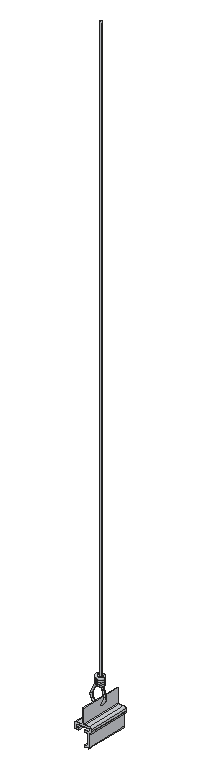
Revit family "Wire_w_Bracket-HunterDouglas-Echelon", category Specialty Equipment, Revit 2013
Parameters (values of type "Parametric")
  ecoScorecard_data = "http://products.ecoscorecard.com/hunterdouglascontract/Echelon"
  ecoScorecard Product Page = "http://hunterdouglascontract.ecoscorecard.com/product/Echelon?base_search=product_category_A1035"
  Wire Visibility [instance] = yes
  Wire Hanger = Metal - Aluminum Frame - HunterDouglas - Painted White
  Warranty URL = "http://www.hunterdouglascontract.com/ceilings/techstyleEchelon/index.jsp"
  Wall Angle Visibility [instance] = yes
  VOC Data URL = "http://assets.hunterdouglascontract.com/documents/ceilings/metalsystems/Metal1_-_Greenguard_Gold_Certificate.pdf?modDate=1386600944000"
  URL = "http://www.hunterdouglasceilings.com"
  Technical Information = "http://assets.hunterdouglascontract.com/documents/ceilings/acousticalsolutions/Echelon_Spec-formatted1.docx?modDate=1383223727000"
  Submittal URL = "http://www.hunterdouglascontract.com/ceilings/techstyleEchelon/index.jsp?t=literatureLinks"
  Subcategory = "Echelon"  # constant formula
  Smoke Developed Index = "50"  # constant formula
  Seismic Info URL = ""
  Recycled Content Percentage = "70%"
  Recyclable = yes
  Product Page URL = "http://www.hunterdouglascontract.com/ceilings/techstyleEchelon/index.jsp"
  Product Line = "Echelon System"  # constant formula
  Perforations = "http://www.hunterdouglascontract.com/ceilings/techstyleEchelon/index.jsp?t=trimOptionsTab"
  Perforation Pattern Info URL = ""
  Panel Width Availability = "6” in increments of 6\" up to 72\"  and up to 96\" (for 24\" W Only)"
  Panel Length Availability = "24\", 30\", 48\""
  Mold Resistant = yes
  Model = "Echelon"  # constant formula
  Material = "Aluminum"  # constant formula
  Manufacturer Phone = ""
  Manufacturer Fax = ""
  Manufacturer Email = "mailto:ceilings@hunterdouglas.com"
  Manufacturer Address = "1 Hunter Douglas Circle, Thornton CO 80241"  # constant formula
  Manufacturer = "Hunter Douglas Luxalon Metal Ceilings"  # constant formula
  Light Reflectance Average = 1
  Installation URL = "http://www.hunterdouglascontract.com/ceilings/techstyleEchelon/index.jsp?t=literatureLinks"
  Humidity and Sag Resistant = yes
  High Durability = yes
  Hanger Wire Height [instance] = 2' - 0"
  HPD URL = ""
  GREENGUARD URL = "http://assets.hunterdouglascontract.com/documents/ceilings/metalsystems/Metal1_-_Greenguard_Gold_Certificate.pdf?modDate=1386600944000"
  GREENGUARD Certified = yes
  Floating Trim Visibility [instance] = no
  Flame Spread Index = "25"  # constant formula
  Fire Rating = "Class A"  # constant formula
  EPD URL = ""
  Different Colors Available = yes
  Description = "Echelon Frame and Panel System"  # constant formula
  Cost Info = "mailto:ceilings@hunterdouglas.com"
  Copyright © = "© Hunter Douglas Inc., All rights reserved."  # constant formula
  Color Finishes = "http://www.hunterdouglascontract.com/ceilings/techstyleEchelon/index.jsp?t=trimOptionsTab"
  Assembly Code = "C3030210"
  Additional Resources Note = "Product details, finishes, construction details, and more can be accessed on the Product Page URL."  # constant formula
  Acoustics - NRC = "0.85"
  95 CSI = "09510"  # constant formula
  04 CSI = "09 51 00"  # constant formula
Reference planes (in)
  plane 1 "Center (Front/Back)": y = 0
  plane 2: z = 0
  plane 3 "Center (Left/Right)": x = 0
  plane 4: x = -0.77248
  plane 5: x = 0.77248
  plane 6: z = 2.4375
  plane 7: z = 2.5
  plane 8: z = 24
Dimensions and locks (in)
  equal spacing: plane 4, plane 3 "Center (Left/Right)", plane 5
  plane 4 to plane 5 = 0' - 1.54495"
  locked: plane 6 to plane 7 at 0.0625
  locked: plane 6 to level at 2.4375
  "Hanger Wire Height": plane 8 to level
  aligned and locked: level to plane 2
  aligned and locked: plane 3 "Center (Left/Right)" to nested 1
  aligned and locked: plane 1 "Center (Front/Back)" to nested 1
  aligned and locked: plane 6 to nested 1
Nested families (in)
  nested 1: "Wire" at (0, 0, 0), type "Parametric"
Definition of nested family "Wire"
  Parameters (values of type "Parametric")
    Wire Hanger = Metal - Aluminum Frame - HunterDouglas - Painted White
    URL = "http://www.hunterdouglascontract.com/ceilings/index.jsp"
    Subcategory = "Metal – Linear"  # constant formula
    Product Line = "6-7 Box Series & Deep Box"  # constant formula
    Model = "6-7 Box Series & Deep Box Hanger Wire"  # constant formula
    Manufacturer = "Hunter Douglas Luxalon Metal Ceilings"  # constant formula
    HangerWire Length = 2' - 0"
    Description = "Hanger_Wire"  # constant formula
    Assembly Code = "C3030200"
    95 CSI = "09510"  # constant formula
    04 CSI = "09 51 00"  # constant formula
  Reference planes (in)
    plane 1 "Center (Front/Back)": y = 0
    plane 2: z = 0
    plane 3 "Center (Left/Right)": x = 0
    plane 4: x = -0.77248
    plane 5: x = 0.77248
    plane 6: z = 2.4375
    plane 7: z = 2.5
    plane 8: z = 24
    plane 9: z = 2.55234
    plane 10: z = 2.71354
    plane 11: z = 2.59766
    plane 12: y = 0.75
    plane 13: y = -0.75
  Forms (in)
    Sweep 1, solid, material "Metal - Aluminum Frame - HunterDouglas - Painted White" <- "Wire Hanger", detail levels fine
      path origin (-0.03906, 0, 0) x (1, 0, 0) y (0, 0, 1)
        loop
          arc (0.02747, 3.12026) -> (-0.12831, 2.91815) -> (-0.23698, 2.68728) r 1.17992
          arc (-0.23698, 2.68728) -> (-0.21337, 2.52443) -> (-0.06709, 2.44909) r 0.17969
          line (-0.06709, 2.44909) -> (-0.01059, 2.44909)
          arc (-0.01059, 2.44909) -> (0.1341, 2.52202) -> (0.16154, 2.68172) r 0.18
          line (0.16154, 2.68172) -> (0.0883, 2.92127)
          arc (0.0883, 2.92127) -> (0.04559, 3.11003) -> (0.03125, 3.30302) r 1.30568
          line (0.03125, 3.30302) -> (0.03125, 24)
      profile origin (-0.00781, 0, 13.65151) x (-1, 0, 0) y (0, -1, 0)
        loop
          circle (-0.03125, 0) r 0.03125
    Revolve 2, solid, material "Metal - Aluminum Frame - HunterDouglas - Painted White" <- "Wire Hanger", detail levels fine
      sketch origin (-1.12196, 0, -0.8411) x (0.947216, 0, -0.320596) y (0.320596, 0, 0.947216)
        loop
          line (-0.19925, 4.10562) -> (-0.30836, 4.10562)
          arc (-0.30836, 4.10562) -> (-0.33961, 4.07437) -> (-0.30836, 4.04312) r 0.03125
          line (-0.30836, 4.04312) -> (-0.19925, 4.04312) -> (-0.19925, 4.10562)
        axis (-0.19925, 4.04312) -> (-0.19925, 4.10562)
      angle from 0 to 360
    Sweep 3, solid, material "Metal - Aluminum Frame - HunterDouglas - Painted White" <- "Wire Hanger", detail levels fine
      path origin (0, 0, 0) x (1, 0, 0) y (0, 1, 0)
        loop
          line (0, 0.75) -> (0, -0.75)
      profile origin (0, 0, 0) x (1, 0, 0) y (0, 0, 1)
        loop
          line (0.03, 2.59766) -> (-0.03, 2.59766) -> (-0.03, 2.12766)
          arc (-0.03, 2.12766) -> (-0.03879, 2.10644) -> (-0.06, 2.09766) r 0.03
          line (-0.06, 2.09766) -> (-0.229, 2.09766)
          arc (-0.229, 2.09766) -> (-0.28203, 2.07569) -> (-0.304, 2.02266) r 0.075
          line (-0.304, 2.02266) -> (-0.304, 1.95366)
          arc (-0.304, 1.95366) -> (-0.28203, 1.90062) -> (-0.229, 1.87866) r 0.075
          line (-0.229, 1.87866) -> (-0.145, 1.87866) -> (-0.145, 1.93866) -> (-0.244, 1.93866) -> (-0.244, 2.03766) -> (0.244, 2.03766) -> (0.244, 1.93866) -> (0.04, 1.93866) -> (0.04, 1.87866) -> (0.12429, 1.87866)
          arc (0.12429, 1.87866) -> (0.13893, 1.87259) -> (0.145, 1.85795) r 0.02071
          line (0.145, 1.85795) -> (0.145, 1.47266) -> (0.04, 1.47266) -> (0.04, 1.41266) -> (0.20341, 1.41266)
          arc (0.20341, 1.41266) -> (0.21868, 1.41898) -> (0.225, 1.43425) r 0.02159
          line (0.225, 1.43425) -> (0.225, 1.85812)
          arc (0.225, 1.85812) -> (0.23011, 1.87231) -> (0.24308, 1.87999) r 0.02226
          arc (0.24308, 1.87999) -> (0.2868, 1.90586) -> (0.304, 1.95366) r 0.075
          line (0.304, 1.95366) -> (0.304, 2.02266)
          arc (0.304, 2.02266) -> (0.28203, 2.07569) -> (0.229, 2.09766) r 0.075
          line (0.229, 2.09766) -> (0.06, 2.09766)
          arc (0.06, 2.09766) -> (0.03879, 2.10644) -> (0.03, 2.12766) r 0.03
          line (0.03, 2.12766) -> (0.03, 2.59766)
    Sweep 4, solid, material "Metal - Aluminum Frame - HunterDouglas - Painted White" <- "Wire Hanger", detail levels medium
      path origin (0, 0, 0) x (1, 0, 0) y (0, 1, 0)
        loop
          line (0, 0.75) -> (0, -0.75)
      profile origin (0, 0, 0) x (1, 0, 0) y (0, 0, 1)
        loop
          line (0.03, 2.09766) -> (0.03, 2.59766) -> (-0.03, 2.59766) -> (-0.03, 2.09766) -> (-0.304, 2.09766) -> (-0.304, 1.87866) -> (-0.145, 1.87866) -> (-0.145, 1.93866) -> (-0.244, 1.93866) -> (-0.244, 2.03766) -> (0.244, 2.03766) -> (0.244, 1.93866) -> (0.04, 1.93866) -> (0.04, 1.87866) -> (0.145, 1.87866) -> (0.145, 1.47266) -> (0.04, 1.47266) -> (0.04, 1.41266) -> (0.225, 1.41266) -> (0.225, 1.87866) -> (0.304, 1.87866) -> (0.304, 2.09766) -> (0.03, 2.09766)
    Sweep 5, solid, material "Metal - Aluminum Frame - HunterDouglas - Painted White" <- "Wire Hanger", detail levels coarse
      path origin (0, 0, 0) x (1, 0, 0) y (0, 1, 0)
        loop
          line (0, 0.75) -> (0, -0.75)
      profile origin (0, 0, 0) x (1, 0, 0) y (0, 0, 1)
        loop
          line (0.304, 1.41266) -> (0.304, 2.59766) -> (-0.304, 2.59766) -> (-0.304, 1.41266) -> (0.304, 1.41266)
    Revolve 6, solid, material "Metal - Aluminum Frame - HunterDouglas - Painted White" <- "Wire Hanger", detail levels fine
      sketch origin (-1.12196, 0, -0.77616) x (0.947216, 0, -0.320596) y (0.320596, 0, 0.947216)
        loop
          line (-0.19925, 4.10562) -> (-0.30836, 4.10562)
          arc (-0.30836, 4.10562) -> (-0.33961, 4.07437) -> (-0.30836, 4.04312) r 0.03125
          line (-0.30836, 4.04312) -> (-0.19925, 4.04312) -> (-0.19925, 4.10562)
        axis (-0.19925, 4.04312) -> (-0.19925, 4.10562)
      angle from 0 to 360
    Revolve 7, solid, material "Metal - Aluminum Frame - HunterDouglas - Painted White" <- "Wire Hanger", detail levels fine
      sketch origin (-1.12196, 0, -0.70991) x (0.947216, 0, -0.320596) y (0.320596, 0, 0.947216)
        loop
          line (-0.19925, 4.10562) -> (-0.30836, 4.10562)
          arc (-0.30836, 4.10562) -> (-0.33961, 4.07437) -> (-0.30836, 4.04312) r 0.03125
          line (-0.30836, 4.04312) -> (-0.19925, 4.04312) -> (-0.19925, 4.10562)
        axis (-0.19925, 4.04312) -> (-0.19925, 4.10562)
      angle from 0 to 360
    Revolve 8, solid, material "Metal - Aluminum Frame - HunterDouglas - Painted White" <- "Wire Hanger", detail levels fine
      sketch origin (-1.12196, 0, -0.6437) x (0.947216, 0, -0.320596) y (0.320596, 0, 0.947216)
        loop
          line (-0.19925, 4.10562) -> (-0.30836, 4.10562)
          arc (-0.30836, 4.10562) -> (-0.33961, 4.07437) -> (-0.30836, 4.04312) r 0.03125
          line (-0.30836, 4.04312) -> (-0.19925, 4.04312) -> (-0.19925, 4.10562)
        axis (-0.19925, 4.04312) -> (-0.19925, 4.10562)
      angle from 0 to 360
  Lines and regions (in)
    model lines, style "Wire", detail levels coarse+medium
      curve 1: line (0, 0, 24) -> (0, 0, 2.5)
    symbolic lines, style "Wire", detail levels fine
      curve 2: line (-0.50903, 0.03125, 0) -> (-0.08588, 0.03125, 0)
      curve 3: line (0.50903, -0.03126, 0) -> (0.10541, -0.03126, 0)
      curve 4: arc (0.50903, 0.03125, 0) -> (0.54029, 0, 0) -> (0.50903, -0.03126, 0) r 0.03125
      curve 5: arc (-0.50903, 0.03125, 0) -> (-0.54029, 0, 0) -> (-0.50903, -0.03126, 0) r 0.03125
      curve 6: circle (0.00977, 0, 0) r 0.10062 normal (0, 0, 1)
      curve 7: circle (0.0625, 0, 0) r 0.03125 normal (0, 0, 1)
      curve 8: line (0.10541, 0.03125, 0) -> (0.50903, 0.03125, 0)
      curve 9: line (-0.08587, -0.03126, 0) -> (-0.50903, -0.03126, 0)
      curve 69: line (0.03, 0, 2.12766) -> (0.03, 0, 2.59766)
      curve 70: line (0.03, 0, 2.59766) -> (-0.03, 0, 2.59766)
      curve 71: line (-0.03, 0, 2.59766) -> (-0.03, 0, 2.12766)
      curve 72: arc (0.03, 0, 2.12766) -> (0.03879, 0, 2.10644) -> (0.06, 0, 2.09766) r 0.03
      curve 73: line (0.229, 0, 2.09766) -> (0.06, 0, 2.09766)
      curve 74: arc (0.229, 0, 2.09766) -> (0.28203, 0, 2.07569) -> (0.304, 0, 2.02266) r 0.075
      curve 75: line (0.304, 0, 1.95366) -> (0.304, 0, 2.02266)
      curve 76: arc (0.304, 0, 1.95366) -> (0.2868, 0, 1.90586) -> (0.24308, 0, 1.87999) r 0.075
      curve 77: line (0.244, 0, 1.93866) -> (0.04, 0, 1.93866)
      curve 78: line (0.244, 0, 2.03766) -> (0.244, 0, 1.93866)
      curve 79: line (-0.244, 0, 2.03766) -> (0.244, 0, 2.03766)
      curve 80: arc (-0.06, 0, 2.09766) -> (-0.03879, 0, 2.10644) -> (-0.03, 0, 2.12766) r 0.03
      curve 81: line (-0.06, 0, 2.09766) -> (-0.229, 0, 2.09766)
      curve 82: arc (-0.304, 0, 2.02266) -> (-0.28203, 0, 2.07569) -> (-0.229, 0, 2.09766) r 0.075
      curve 83: line (-0.304, 0, 2.02266) -> (-0.304, 0, 1.95366)
      curve 84: arc (-0.229, 0, 1.87866) -> (-0.28203, 0, 1.90062) -> (-0.304, 0, 1.95366) r 0.075
      curve 85: line (-0.229, 0, 1.87866) -> (-0.145, 0, 1.87866)
      curve 86: line (-0.145, 0, 1.87866) -> (-0.145, 0, 1.93866)
      curve 87: line (-0.145, 0, 1.93866) -> (-0.244, 0, 1.93866)
      curve 88: line (-0.244, 0, 1.93866) -> (-0.244, 0, 2.03766)
      curve 89: line (0.04, 0, 1.93866) -> (0.04, 0, 1.87866)
      curve 90: line (0.04, 0, 1.87866) -> (0.12429, 0, 1.87866)
      curve 91: arc (0.145, 0, 1.85795) -> (0.13893, 0, 1.87259) -> (0.12429, 0, 1.87866) r 0.02071
      curve 92: line (0.145, 0, 1.85795) -> (0.145, 0, 1.47266)
      curve 93: arc (0.24308, 0, 1.87999) -> (0.23011, 0, 1.87231) -> (0.225, 0, 1.85812) r 0.02226
      curve 94: line (0.225, 0, 1.43425) -> (0.225, 0, 1.85812)
      curve 95: arc (0.225, 0, 1.43425) -> (0.21868, 0, 1.41898) -> (0.20341, 0, 1.41266) r 0.02159
      curve 96: line (0.04, 0, 1.41266) -> (0.20341, 0, 1.41266)
      curve 97: line (0.04, 0, 1.47266) -> (0.04, 0, 1.41266)
      curve 98: line (0.145, 0, 1.47266) -> (0.04, 0, 1.47266)
      curve 99: arc (-0.05765, 0, 3.06678) -> (-0.13262, 0, 2.9704) -> (-0.1977, 0, 2.86708) r 1.23402
      curve 100: arc (-0.1977, 0, 2.86708) -> (-0.24754, 0, 2.76344) -> (-0.28368, 0, 2.65427) r 0.8946
      curve 101: arc (-0.28368, 0, 2.65427) -> (-0.28277, 0, 2.57792) -> (-0.24308, 0, 2.51268) r 0.14456
      curve 102: arc (-0.24308, 0, 2.51268) -> (-0.14417, 0, 2.45515) -> (-0.03, 0, 2.44754) r 0.25082
      curve 103: arc (0.03, 0, 2.46762) -> (0.10513, 0, 2.53632) -> (0.12719, 0, 2.63571) r 0.16908
      curve 104: arc (0.12719, 0, 2.63571) -> (0.07615, 0, 2.8397) -> (0.01688, 0, 3.04146) r 5.17931
      curve 105: arc (-0.12183, 0, 3.08859) -> (-0.19766, 0, 2.98804) -> (-0.26263, 0, 2.88014) r 1.20948
      curve 106: arc (-0.26263, 0, 2.88014) -> (-0.30425, 0, 2.79301) -> (-0.33801, 0, 2.70255) r 1.092
      curve 107: arc (-0.33801, 0, 2.70255) -> (-0.3492, 0, 2.63161) -> (-0.33801, 0, 2.56068) r 0.23038
      curve 108: arc (-0.33801, 0, 2.56068) -> (-0.2966, 0, 2.48101) -> (-0.23142, 0, 2.41923) r 0.27108
      curve 109: arc (-0.23142, 0, 2.41923) -> (-0.13424, 0, 2.38102) -> (-0.03, 0, 2.38733) r 0.24189
      curve 110: arc (0.03, 0, 2.40119) -> (0.0829, 0, 2.426) -> (0.12839, 0, 2.46267) r 0.24417
      curve 111: arc (0.12839, 0, 2.46267) -> (0.17764, 0, 2.53959) -> (0.19251, 0, 2.62971) r 0.22658
      curve 112: arc (0.19251, 0, 2.62971) -> (0.18811, 0, 2.67073) -> (0.17822, 0, 2.71078) r 0.30544
      curve 113: arc (0.17822, 0, 2.71078) -> (0.13132, 0, 2.8635) -> (0.08801, 0, 3.01729) r 6.81063
      curve 114: line (-0.00855, 0, 24) -> (0.05306, 0, 24)
      curve 115: line (0.05306, 0, 24) -> (0.05306, 0, 3.29312)
      curve 116: line (-0.00855, 0, 3.31364) -> (-0.00855, 0, 24)
      curve 117: line (0.08801, 0, 3.01729) -> (-0.12595, 0, 3.08999)
      curve 118: arc (0.10829, 0, 3.07675) -> (0.12785, 0, 3.03688) -> (0.08801, 0, 3.01729) r 0.03141
      curve 119: arc (0.10968, 0, 3.14119) -> (0.12893, 0, 3.10209) -> (0.08979, 0, 3.08291) r 0.03079
      curve 120: arc (0.10855, 0, 3.20759) -> (0.12798, 0, 3.16791) -> (0.08834, 0, 3.1484) r 0.03127
      curve 121: arc (0.10819, 0, 3.27476) -> (0.12828, 0, 3.23434) -> (0.08776, 0, 3.21447) r 0.03183
      curve 122: arc (-0.10016, 0, 3.34415) -> (-0.13771, 0, 3.3252) -> (-0.12113, 0, 3.28654) r 0.03071
      curve 123: arc (-0.10669, 0, 3.21321) -> (-0.13771, 0, 3.19287) -> (-0.12703, 0, 3.15735) r 0.031
      curve 124: arc (-0.10686, 0, 3.14829) -> (-0.13839, 0, 3.12634) -> (-0.12595, 0, 3.08999) r 0.03189
      curve 125: line (-0.12703, 0, 3.15735) -> (0.10829, 0, 3.07675)
      curve 126: line (-0.11754, 0, 3.21824) -> (0.10968, 0, 3.14119)
      curve 127: line (-0.12113, 0, 3.28654) -> (0.10855, 0, 3.20759)
      curve 128: line (-0.10016, 0, 3.34415) -> (0.10819, 0, 3.27476)
      curve 129: arc (-0.09716, 0, 3.27831) -> (-0.13738, 0, 3.25846) -> (-0.11754, 0, 3.21824) r 0.03171
    symbolic lines, style "Wire"
      curve 10: line (0, 0.03125, 24) -> (0, -0.03125, 24)
      curve 11: line (0, 0.03125, 2.46831) -> (0, 0.03125, 3.69854)
      curve 12: line (0, -0.03125, 24) -> (0, -0.03125, 4.05165)
      curve 13: arc (0, -0.08474, 4.0503) -> (0, -0.10167, 4.01557) -> (0, -0.08145, 3.98266) r 0.04011
      curve 14: arc (0, -0.08145, 3.98266) -> (0, -0.04212, 3.96692) -> (0, 0, 3.96236) r 0.15569
      curve 15: arc (0, 0.08474, 4.0503) -> (0, 0.10167, 4.01557) -> (0, 0.08145, 3.98266) r 0.04011
      curve 16: arc (0, 0.08145, 3.98266) -> (0, 0.04212, 3.96692) -> (0, 0, 3.96236) r 0.15569
      curve 17: arc (0, 0.03125, 4.05165) -> (0, 0, 4.04216) -> (0, -0.03125, 4.05165) r 0.05621
      curve 18: arc (0, -0.08169, 3.9828) -> (0, -0.10172, 3.94794) -> (0, -0.08145, 3.91321) r 0.04011
      curve 19: arc (0, -0.08145, 3.91321) -> (0, -0.04212, 3.89747) -> (0, 0, 3.89291) r 0.15569
      curve 20: arc (0, 0.08169, 3.9828) -> (0, 0.10172, 3.94794) -> (0, 0.08145, 3.91321) r 0.04011
      curve 21: arc (0, 0.08145, 3.91321) -> (0, 0.04212, 3.89747) -> (0, 0, 3.89291) r 0.15569
      curve 22: arc (0, -0.08474, 3.91531) -> (0, -0.10167, 3.88058) -> (0, -0.08145, 3.84767) r 0.04011
      curve 23: arc (0, -0.08145, 3.84767) -> (0, -0.04212, 3.83193) -> (0, 0, 3.82736) r 0.15569
      curve 24: arc (0, 0.08474, 3.91531) -> (0, 0.10167, 3.88058) -> (0, 0.08145, 3.84767) r 0.04011
      curve 25: arc (0, 0.08145, 3.84767) -> (0, 0.04212, 3.83193) -> (0, 0, 3.82736) r 0.15569
      curve 26: arc (0, -0.08474, 3.84977) -> (0, -0.10167, 3.81504) -> (0, -0.08145, 3.78213) r 0.04011
      curve 27: arc (0, -0.08145, 3.78213) -> (0, -0.04212, 3.76638) -> (0, 0, 3.76182) r 0.15569
      curve 28: arc (0, 0.08474, 3.84977) -> (0, 0.10167, 3.81504) -> (0, 0.08145, 3.78213) r 0.04011
      curve 29: arc (0, 0.08145, 3.78213) -> (0, 0.04212, 3.76638) -> (0, 0, 3.76182) r 0.15569
      curve 30: arc (0, -0.08474, 3.78422) -> (0, -0.10167, 3.7495) -> (0, -0.08145, 3.71659) r 0.04011
      curve 31: arc (0, -0.08145, 3.71659) -> (0, -0.04212, 3.70084) -> (0, 0, 3.69628) r 0.15569
      curve 32: arc (0, 0.08474, 3.78422) -> (0, 0.10167, 3.7495) -> (0, 0.08145, 3.71659) r 0.04011
      curve 33: arc (0, 0.08145, 3.71659) -> (0, 0.04212, 3.70084) -> (0, 0, 3.69628) r 0.15569
      curve 34: line (0, 0.03125, 4.05165) -> (0, 0.03125, 24)
      curve 35: line (0, -0.03125, 3.69854) -> (0, -0.03125, 2.46831)
      curve 36: arc (0, -0.03125, 2.46831) -> (0, 0, 2.43706) -> (0, 0.03125, 2.46831) r 0.03125
      curve 37: arc (0, -0.08474, 4.11584) -> (0, -0.10167, 4.08112) -> (0, -0.08145, 4.0482) r 0.04011
      curve 38: arc (0, -0.08145, 4.0482) -> (0, -0.04212, 4.03246) -> (0, 0, 4.0279) r 0.15569
      curve 39: arc (0, 0.08474, 4.11584) -> (0, 0.10167, 4.08112) -> (0, 0.08145, 4.0482) r 0.04011
      curve 40: arc (0, 0.08145, 4.0482) -> (0, 0.04212, 4.03246) -> (0, 0, 4.0279) r 0.15569
      curve 41: arc (0, -0.08474, 4.11584) -> (0, -0.05931, 4.12919) -> (0, -0.03125, 4.13531) r 0.10721
      curve 42: arc (0, 0.08474, 4.11584) -> (0, 0.05931, 4.12919) -> (0, 0.03125, 4.13531) r 0.10721
    symbolic lines, style "Wire", detail levels coarse
      curve 43: line (-0.304, 0, 2.59766) -> (0.304, 0, 2.59766)
      curve 44: line (-0.304, 0, 1.41266) -> (-0.304, 0, 2.59766)
      curve 45: line (0.304, 0, 1.41266) -> (-0.304, 0, 1.41266)
      curve 46: line (0.304, 0, 2.59766) -> (0.304, 0, 1.41266)
    symbolic lines, style "Wire", detail levels medium
      curve 47: line (-0.03, 0, 2.59766) -> (-0.03, 0, 2.09766)
      curve 48: line (-0.03, 0, 2.09766) -> (-0.304, 0, 2.09766)
      curve 49: line (-0.304, 0, 2.09766) -> (-0.304, 0, 1.87866)
      curve 50: line (-0.304, 0, 1.87866) -> (-0.145, 0, 1.87866)
      curve 51: line (-0.145, 0, 1.87866) -> (-0.145, 0, 1.93866)
      curve 52: line (-0.145, 0, 1.93866) -> (-0.244, 0, 1.93866)
      curve 53: line (-0.244, 0, 1.93866) -> (-0.244, 0, 2.03766)
      curve 54: line (-0.244, 0, 2.03766) -> (0.244, 0, 2.03766)
      curve 55: line (0.244, 0, 2.03766) -> (0.244, 0, 1.93866)
      curve 56: line (0.244, 0, 1.93866) -> (0.04, 0, 1.93866)
      curve 57: line (0.04, 0, 1.93866) -> (0.04, 0, 1.87866)
      curve 58: line (0.04, 0, 1.87866) -> (0.145, 0, 1.87866)
      curve 59: line (0.145, 0, 1.87866) -> (0.145, 0, 1.47266)
      curve 60: line (0.145, 0, 1.47266) -> (0.04, 0, 1.47266)
      curve 61: line (0.04, 0, 1.47266) -> (0.04, 0, 1.41266)
      curve 62: line (0.04, 0, 1.41266) -> (0.225, 0, 1.41266)
      curve 63: line (0.225, 0, 1.41266) -> (0.225, 0, 1.87866)
      curve 64: line (0.225, 0, 1.87866) -> (0.304, 0, 1.87866)
      curve 65: line (0.304, 0, 1.87866) -> (0.304, 0, 2.09766)
      curve 66: line (0.304, 0, 2.09766) -> (0.03, 0, 2.09766)
      curve 67: line (0.03, 0, 2.09766) -> (0.03, 0, 2.59766)
      curve 68: line (0.03, 0, 2.59766) -> (-0.03, 0, 2.59766)
  Dimensions and locks (in)
    equal spacing: plane 4, plane 3 "Center (Left/Right)", plane 5
    plane 4 to plane 5 = 0' - 1.54495"
    locked: plane 6 to plane 7 at 0.0625
    locked: plane 6 to level at 2.4375
    "HangerWire Length": plane 8 to level
    equal spacing: plane 13, plane 1 "Center (Front/Back)", plane 12
    locked: plane 12 to plane 13 at 1.5
    aligned and locked: level to plane 2
    aligned and locked: plane 8 to Sweep 1 sketch curve
    aligned and locked: curve 1 to plane 3 "Center (Left/Right)"
    aligned and locked: plane 7 to curve 1
    aligned and locked: plane 8 to curve 1
    aligned and locked: plane 12 to Sweep 3 sketch curve
    aligned and locked: plane 13 to Sweep 3 sketch curve
    aligned and locked: Sweep 3 sketch curve to plane 3 "Center (Left/Right)"
    aligned and locked: plane 13 to Sweep 4 sketch curve
    aligned and locked: plane 12 to Sweep 4 sketch curve
    aligned and locked: Sweep 4 sketch curve to plane 3 "Center (Left/Right)"
    aligned and locked: Sweep 4 sketch curve to Sweep 3  (x21)
    aligned and locked: plane 13 to Sweep 5 sketch curve
    aligned and locked: plane 12 to Sweep 5 sketch curve
    aligned and locked: Sweep 5 sketch curve to plane 3 "Center (Left/Right)"
    aligned and locked: Sweep 5 sketch curve to Sweep 4  (x4)
    aligned and locked: curve 43 to Sweep 5
    aligned and locked: curve 45 to Sweep 5
    aligned and locked: curve 49 to Sweep 4
    aligned and locked: curve 50 to Sweep 4
    aligned and locked: curve 51 to Sweep 4
    aligned and locked: curve 52 to Sweep 4
    aligned and locked: curve 53 to Sweep 4
    aligned and locked: curve 54 to Sweep 4
    aligned and locked: curve 55 to Sweep 4
    aligned and locked: curve 56 to Sweep 4
    aligned and locked: curve 57 to Sweep 4
    aligned and locked: curve 58 to Sweep 4
    aligned and locked: curve 59 to Sweep 4
    aligned and locked: curve 60 to Sweep 4
    aligned and locked: curve 61 to Sweep 4
    aligned and locked: curve 62 to Sweep 4
    aligned and locked: curve 64 to Sweep 4
    aligned and locked: curve 65 to Sweep 4
    aligned and locked: curve 67 to Sweep 4
    aligned and locked: curve 69 to Sweep 3
    aligned and locked: curve 70 to Sweep 3
    aligned and locked: curve 71 to Sweep 3
    aligned and locked: curve 72 to Sweep 3
    aligned and locked: curve 73 to Sweep 3
    aligned and locked: curve 74 to Sweep 3
    aligned and locked: curve 75 to Sweep 3
    aligned and locked: curve 76 to Sweep 3
    aligned and locked: curve 80 to Sweep 3
    aligned and locked: curve 81 to Sweep 3
    aligned and locked: curve 82 to Sweep 3
    aligned and locked: curve 83 to Sweep 3
    aligned and locked: curve 84 to Sweep 3
    aligned and locked: curve 85 to Sweep 3
    aligned and locked: curve 91 to Sweep 3
    aligned and locked: curve 92 to Sweep 3
    aligned and locked: curve 93 to Sweep 3
    aligned and locked: curve 94 to Sweep 3
    aligned and locked: curve 95 to Sweep 3
    aligned and locked: curve 114 to plane 8
    aligned and locked: plane 8 to curve 115
  Automatic sketch dimensions
    curve 12 to plane 8 = 0' - 0"
    curve 23 to plane 1 "Center (Front/Back)" = 0' - 0"
    curve 14 to plane 1 "Center (Front/Back)" = 0' - 0"
    curve 19 to plane 1 "Center (Front/Back)" = 0' - 0"
    curve 33 to plane 1 "Center (Front/Back)" = 0' - 0"
    curve 38 to plane 1 "Center (Front/Back)" = 0' - 0"
    curve 29 to plane 1 "Center (Front/Back)" = 0' - 0"
    curve 17 to plane 1 "Center (Front/Back)" = 0' - 0"
    curve 36 to plane 1 "Center (Front/Back)" = 0' - 0"
    plane 1 "Center (Front/Back)" to curve 38 = 0' - 0.00445"
    plane 1 "Center (Front/Back)" to curve 14 = 0' - 0.00445"
    plane 1 "Center (Front/Back)" to curve 27 = 0' - 0.00445"
    plane 1 "Center (Front/Back)" to curve 23 = 0' - 0.00445"
    plane 1 "Center (Front/Back)" to curve 19 = 0' - 0.00445"
    plane 1 "Center (Front/Back)" to curve 31 = 0' - 0.00445"
    plane 1 "Center (Front/Back)" to curve 41 = 0' - 0.02264"
    curve 12 to curve 41 = 0' - 0.00861"
    plane 1 "Center (Front/Back)" to curve 36 = 0' - 0 1/32"
    plane 1 "Center (Front/Back)" to curve 22 = 0' - 0.06161"
    plane 1 "Center (Front/Back)" to curve 26 = 0' - 0.06161"
    curve 30 to curve 35 = 0' - 0.03036"
    plane 1 "Center (Front/Back)" to curve 18 = 0' - 0.06161"
    curve 13 to curve 41 = 0' - 0.03896"
    curve 37 to curve 12 = 0' - 0.03036"
    curve 37 to curve 13 = 0' - 0.01984"
    curve 18 to curve 22 = 0' - 0.01984"
    curve 19 to curve 18 = 0' - 0"
    curve 38 to curve 37 = 0' - 0"
    curve 31 to curve 30 = 0' - 0.01984"
    curve 26 to curve 30 = 0' - 0.01984"
    curve 22 to curve 26 = 0' - 0.01984"
    curve 23 to curve 22 = 0' - 0"
    curve 14 to curve 18 = 0' - 0.01984"
    curve 30 to curve 31 = 0' - 0"
    curve 13 to curve 14 = 0' - 0"
    curve 27 to curve 26 = 0' - 0"
    curve 18 to curve 13 = 0' - 0.00025"
    curve 22 to curve 19 = 0' - 0.0033"
    curve 26 to curve 23 = 0' - 0.0033"
    curve 13 to curve 37 = 0' - 0.0033"
    curve 30 to curve 26 = 0' - 0.0033"
    curve 37 to curve 37 = 0' - 0.02313"
    curve 29 to plane 1 "Center (Front/Back)" = 0' - 0.00445"
    curve 33 to plane 1 "Center (Front/Back)" = 0' - 0.00445"
    curve 40 to plane 1 "Center (Front/Back)" = 0' - 0.00445"
    curve 25 to plane 1 "Center (Front/Back)" = 0' - 0.00445"
    curve 21 to plane 1 "Center (Front/Back)" = 0' - 0.00445"
    curve 16 to plane 1 "Center (Front/Back)" = 0' - 0.00445"
    curve 42 to plane 1 "Center (Front/Back)" = 0' - 0.02264"
    curve 10 to plane 1 "Center (Front/Back)" = 0' - 0 1/32"
    curve 34 to curve 39 = 0' - 0.03036"
    curve 42 to curve 15 = 0' - 0.03896"
    curve 11 to curve 32 = 0' - 0.03036"
    curve 24 to plane 1 "Center (Front/Back)" = 0' - 0.06161"
    curve 20 to plane 1 "Center (Front/Back)" = 0' - 0.06161"
    curve 28 to plane 1 "Center (Front/Back)" = 0' - 0.06161"
    curve 20 to curve 15 = 0' - 0.01984"
    curve 32 to curve 28 = 0' - 0.01984"
    curve 28 to curve 24 = 0' - 0.01984"
    curve 16 to curve 15 = 0' - 0"
    curve 29 to curve 28 = 0' - 0"
    curve 24 to curve 21 = 0' - 0.01984"
    curve 20 to curve 21 = 0' - 0"
    curve 32 to curve 32 = 0' - 0.01984"
    curve 25 to curve 24 = 0' - 0"
    curve 15 to curve 39 = 0' - 0.01984"
    curve 40 to curve 39 = 0' - 0"
    curve 33 to curve 32 = 0' - 0"
    curve 16 to curve 20 = 0' - 0.00025"
    curve 25 to curve 28 = 0' - 0.0033"
    curve 39 to curve 15 = 0' - 0.0033"
    curve 28 to curve 32 = 0' - 0.0033"
    curve 39 to curve 42 = 0' - 0.02313"
    curve 21 to curve 24 = 0' - 0.0033"
    plane 10 to curve 40 = 0' - 1.46999"
    curve 38 to curve 40 = 0' - 0"
    curve 42 to curve 40 = 0' - 0.04821"
    curve 41 to curve 38 = 0' - 0.04821"
    curve 14 to curve 41 = 0' - 0.01733"
    curve 14 to curve 16 = 0' - 0"
    curve 42 to curve 42 = 0' - 0.01947"
    curve 17 to curve 16 = 0' - 0.01961"
    curve 42 to curve 17 = 0' - 0.0232"
    curve 39 to curve 15 = 0' - 0.00209"
    curve 40 to curve 19 = 0' - 0.02063"
    curve 19 to curve 21 = 0' - 0"
    curve 14 to curve 23 = 0' - 0.02063"
    curve 23 to curve 25 = 0' - 0"
    curve 13 to curve 18 = 0' - 0.00014"
    curve 21 to curve 29 = 0' - 0.02454"
    curve 27 to curve 29 = 0' - 0"
    curve 19 to curve 22 = 0' - 0.00209"
    curve 23 to curve 31 = 0' - 0.02454"
    curve 31 to curve 33 = 0' - 0"
    curve 23 to curve 26 = 0' - 0.00209"
    curve 28 to curve 32 = 0' - 0.00209"
    curve 36 to plane 6 = 0' - 0.03081"
    plane 1 "Center (Front/Back)" to curve 6 = 0' - 0"
    plane 1 "Center (Front/Back)" to curve 7 = 0' - 0"
    curve 2 to plane 1 "Center (Front/Back)" = 0' - 0 1/32"
    curve 2 to plane 4 = 0' - 0.26344"
    curve 2 to plane 3 "Center (Left/Right)" = 0' - 0.08588"
    plane 1 "Center (Front/Back)" to curve 9 = 0' - 0 1/32"
    plane 3 "Center (Left/Right)" to curve 6 = 0' - 0.00977"
    curve 6 to curve 7 = 0' - 0.05273"
    plane 1 "Center (Front/Back)" to curve 3 = 0' - 0 1/32"
    curve 8 to plane 1 "Center (Front/Back)" = 0' - 0 1/32"
    curve 4 to plane 5 = 0' - 0.26344"
    Sweep 1 sketch curve to plane 10 = 0' - 0.02626"
    Sweep 1 sketch curve to plane 3 "Center (Left/Right)" = 0' - 0.27605"
    Sweep 1 sketch curve to Sweep 1 sketch curve = 0' - 0"
    Sweep 1 sketch curve to plane 11 = 0' - 0.03112"
    Sweep 1 sketch curve to plane 3 "Center (Left/Right)" = 0' - 0.10615"
    Sweep 1 sketch curve to plane 3 "Center (Left/Right)" = 0' - 0.04966"
    Sweep 1 sketch curve to plane 3 "Center (Left/Right)" = 0' - 0.0116"
    Sweep 1 sketch curve to plane 3 "Center (Left/Right)" = 0' - 0 1/128"
    plane 3 "Center (Left/Right)" to Sweep 1 sketch curve = 0' - 0.04924"
    Sweep 1 sketch curve to plane 10 = 0' - 0.03182"
    plane 3 "Center (Left/Right)" to Sweep 1 sketch curve = 0' - 0.12248"
    plane 5 to Sweep 1 sketch curve = 0' - 0.06711"
    plane 5 to Sweep 1 sketch curve = 0' - 0.52539"
    plane 10 to Sweep 1 sketch curve = 0' - 0.20774"
    plane 1 "Center (Front/Back)" to Sweep 1 sketch curve = 0' - 0"
    profile plane to Sweep 1 sketch curve = 0' - 0 1/32"
    Revolve 2 sketch curve to plane 3 "Center (Left/Right)" = 0' - 0.11784"
    plane 10 to Revolve 2 sketch curve = 0' - 0.37393"
    Revolve 2 sketch curve to Revolve 2 sketch curve = 0' - 0.1091"
    Revolve 2 sketch curve to Revolve 2 sketch curve = 0' - 0"
    Revolve 2 sketch curve to Revolve 2 sketch curve = 0' - 0.01588"
    Revolve 2 sketch curve to Revolve 2 sketch curve = 0' - 0 1/32"
    Revolve 2 sketch curve to Revolve 2 sketch curve = 0' - 0.01193"
    profile plane to Sweep 3 sketch curve = 0' - 0.304"
    Sweep 3 sketch curve to Sweep 3 sketch curve = 0' - 0.06"  (x2)
    Sweep 3 sketch curve to Sweep 3 sketch curve = 0' - 0.015"  (x5)
    Sweep 3 sketch curve to Sweep 3 sketch curve = 0' - 0.084"
    profile plane to Sweep 3 sketch curve = 0' - 0.06"
    profile plane to Sweep 3 sketch curve = 0' - 0.03"
    Sweep 3 sketch curve to profile plane = 0' - 0.03"
    Sweep 3 sketch curve to profile plane = 0' - 0.04"  (x2)
    Sweep 3 sketch curve to Sweep 3 sketch curve = 0' - 0.03"
    Sweep 3 sketch curve to Sweep 3 sketch curve = 0' - 0.08429"
    Sweep 3 sketch curve to Sweep 3 sketch curve = 0' - 0.02071"
    Sweep 3 sketch curve to Sweep 3 sketch curve = 0' - 0.05841"
    Sweep 3 sketch curve to Sweep 3 sketch curve = 0' - 0.02159"
    Sweep 3 sketch curve to Sweep 3 sketch curve = 0' - 0.169"
    Sweep 3 sketch curve to Sweep 3 sketch curve = 0' - 0"  (x3)
    Sweep 3 sketch curve to Sweep 3 sketch curve = 0' - 0.01808"
    Sweep 3 sketch curve to Sweep 3 sketch curve = 0' - 0.02226"
    level to Sweep 3 sketch curve = 0' - 1.41266"
    Sweep 3 sketch curve to Sweep 3 sketch curve = 0' - 0.03841"
    Sweep 3 sketch curve to Sweep 3 sketch curve = 0' - 0.38529"
    Sweep 3 sketch curve to Sweep 3 sketch curve = 0' - 0.00018"
    Sweep 3 sketch curve to Sweep 3 sketch curve = 0' - 0.069"  (x2)
    Sweep 3 sketch curve to Sweep 3 sketch curve = 0' - 0.47"
    Sweep 4 sketch curve to Sweep 4 sketch curve = 0' - 0.06"
    Revolve 6 sketch curve to plane 3 "Center (Left/Right)" = 0' - 0.11784"
    plane 10 to Revolve 6 sketch curve = 0' - 0.43887"
    Revolve 6 sketch curve to Revolve 6 sketch curve = 0' - 0.1091"
    Revolve 6 sketch curve to Revolve 6 sketch curve = 0' - 0"
    Revolve 6 sketch curve to Revolve 6 sketch curve = 0' - 0.01588"
    Revolve 6 sketch curve to Revolve 6 sketch curve = 0' - 0 1/32"
    Revolve 6 sketch curve to Revolve 6 sketch curve = 0' - 0.01193"
    Revolve 7 sketch curve to plane 3 "Center (Left/Right)" = 0' - 0.11784"
    plane 10 to Revolve 7 sketch curve = 0' - 0.50512"
    Revolve 7 sketch curve to Revolve 7 sketch curve = 0' - 0.1091"
    Revolve 7 sketch curve to Revolve 7 sketch curve = 0' - 0"
    Revolve 7 sketch curve to Revolve 7 sketch curve = 0' - 0.01588"
    Revolve 7 sketch curve to Revolve 7 sketch curve = 0' - 0 1/32"
    Revolve 7 sketch curve to Revolve 7 sketch curve = 0' - 0.01193"
    Revolve 8 sketch curve to plane 3 "Center (Left/Right)" = 0' - 0.11784"
    plane 10 to Revolve 8 sketch curve = 0' - 0.57133"
    Revolve 8 sketch curve to Revolve 8 sketch curve = 0' - 0.1091"
    Revolve 8 sketch curve to Revolve 8 sketch curve = 0' - 0"
    Revolve 8 sketch curve to Revolve 8 sketch curve = 0' - 0.01588"
    Revolve 8 sketch curve to Revolve 8 sketch curve = 0' - 0 1/32"
    Revolve 8 sketch curve to Revolve 8 sketch curve = 0' - 0.01193"
    plane 9 to curve 108 = 0' - 0.00834"
    curve 108 to curve 43 = 0' - 0.03401"
    curve 106 to plane 10 = 0' - 0.01099"
    curve 106 to curve 43 = 0' - 0.03401"
    curve 107 to curve 106 = 0' - 0"
    curve 107 to curve 108 = 0' - 0"
    plane 6 to curve 104 = 0' - 0.95653"
    plane 4 to curve 104 = 0' - 4.14928"
    curve 43 to curve 101 = 0' - 0.02032"
    curve 100 to curve 101 = 0' - 0"
    curve 106 to curve 105 = 0' - 0.07538"
    curve 106 to curve 105 = 0' - 0"
    plane 7 to curve 102 = 0' - 0.01268"
    curve 43 to curve 102 = 0' - 0.06092"
    curve 101 to curve 102 = 0' - 0"
    plane 6 to curve 109 = 0' - 0.01827"
    curve 101 to curve 109 = 0' - 0.01166"
    curve 108 to curve 109 = 0' - 0"
    curve 81 to curve 82 = 0' - 0"
    curve 85 to curve 84 = 0' - 0"
    curve 105 to curve 100 = 0' - 0.06493"
    curve 99 to curve 100 = 0' - 0"
    curve 101 to plane 11 = 0' - 0.02011"
    curve 101 to curve 47 = 0' - 0.11381"
    curve 123 to plane 3 "Center (Left/Right)" = 0' - 0.12703"
    curve 123 to curve 117 = 0' - 0.00108"
    curve 124 to curve 105 = 0' - 0.00412"
    curve 127 to plane 3 "Center (Left/Right)" = 0' - 0.12113"
    curve 101 to curve 107 = 0' - 0.02499"
    curve 123 to curve 129 = 0' - 0.00949"
    curve 107 to curve 112 = 0' - 0.00613"
    curve 127 to curve 122 = 0' - 0.01227"
    curve 123 to curve 123 = 0' - 0.01845"
    curve 105 to curve 124 = 0' - 0.01374"
    curve 126 to curve 129 = 0' - 0.01019"
    curve 123 to curve 124 = 0' - 0.02017"
    curve 129 to curve 123 = 0' - 0.01084"
    curve 122 to curve 122 = 0' - 0.00869"
    curve 127 to curve 129 = 0' - 0.02396"
    curve 112 to curve 109 = 0' - 0.0163"
    curve 102 to plane 10 = 0' - 0.01852"
    curve 81 to curve 80 = 0' - 0"
    curve 99 to plane 3 "Center (Left/Right)" = 0' - 0.05765"
    curve 108 to curve 110 = 0' - 0.03362"
    curve 110 to curve 103 = 0' - 0.00524"
    curve 103 to curve 111 = 0' - 0.00735"
    curve 116 to plane 3 "Center (Left/Right)" = 0' - 0.00855"
    plane 3 "Center (Left/Right)" to curve 104 = 0' - 0.01688"
    plane 3 "Center (Left/Right)" to curve 114 = 0' - 0.05306"
    curve 73 to curve 72 = 0' - 0"
    curve 115 to curve 121 = 0' - 0.0347"
    curve 104 to curve 113 = 0' - 0.07113"
    curve 121 to curve 120 = 0' - 0.00059"
    curve 120 to curve 119 = 0' - 0.00145"
    curve 113 to curve 118 = 0' - 0.01011"
    curve 121 to curve 121 = 0' - 0.01038"
    curve 120 to curve 120 = 0' - 0.01005"
    curve 119 to curve 119 = 0' - 0.01"
    curve 121 to curve 128 = 0' - 0.01006"
    curve 121 to curve 120 = 0' - 0.0208"
    curve 119 to curve 118 = 0' - 0.0185"
    curve 120 to curve 119 = 0' - 0.02133"
    curve 90 to curve 91 = 0' - 0"
    curve 103 to plane 11 = 0' - 0.03805"
    curve 67 to curve 103 = 0' - 0.09719"
    curve 111 to plane 6 = 0' - 0.02517"
    curve 103 to curve 111 = 0' - 0.09839"
    curve 110 to curve 111 = 0' - 0"
    curve 113 to plane 10 = 0' - 0.00276"
    curve 103 to curve 113 = 0' - 0.05103"
    curve 112 to curve 113 = 0' - 0"
    curve 112 to plane 11 = 0' - 0.03206"
    curve 103 to curve 112 = 0' - 0.06533"
    curve 96 to curve 95 = 0' - 0"
    curve 73 to curve 74 = 0' - 0"
    plane 6 to curve 100 = 0' - 0.00918"
    curve 106 to plane 5 = 0' - 0.07154"
    plane 5 to curve 105 = 0' - 0.03213"
    curve 94 to curve 95 = 0' - 0"
    curve 92 to curve 91 = 0' - 0"
    curve 94 to curve 93 = 0' - 0"
    curve 75 to curve 76 = 0' - 0"
    curve 83 to curve 84 = 0' - 0"
    curve 83 to curve 82 = 0' - 0"
    curve 75 to curve 74 = 0' - 0"
    curve 71 to curve 80 = 0' - 0"
    curve 69 to curve 72 = 0' - 0"
    curve 103 to plane 6 = 0' - 0.03012"
    curve 113 to curve 118 = 0' - 0.02974"
    curve 118 to curve 119 = 0' - 0.00616"
    curve 119 to curve 119 = 0' - 0.02912"
    curve 105 to curve 124 = 0' - 0.02782"
    curve 119 to curve 120 = 0' - 0.00722"
    curve 124 to curve 125 = 0' - 0.00907"
    curve 120 to curve 120 = 0' - 0.02961"
    curve 123 to curve 123 = 0' - 0.02491"
    curve 120 to curve 121 = 0' - 0.00688"
    curve 123 to curve 129 = 0' - 0.00503"
    curve 121 to curve 121 = 0' - 0.03009"
    curve 126 to curve 129 = 0' - 0.03003"
    curve 121 to curve 115 = 0' - 0.01836"
    radius of curve 7 = 0' - 0 1/32"
    radius of Sweep 1 sketch curve = 0' - 0 1/32"
